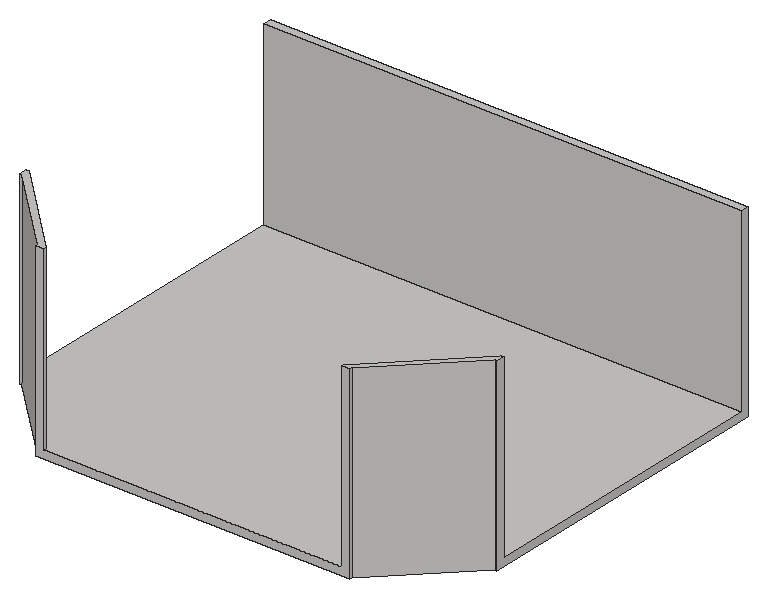
Revit family "Cable_Tray_Fitting-Solid_Tray-OBO_Bettermann-Channel_Horizontal_Tee_100-300-MKS_Magic", category Cable Tray Fittings, Revit 2012
Parameters (values of type "Hot Dipped Galvanised")
  URL = "http://www.obo-bettermann.com/"
  Tray Width 3 [instance] = 100 mm
  Tray Width 1 [instance] = 100 mm
  Tray Length [instance] = 0.794 mm
  Tray Height [instance] = 60 mm
  built-in parameter 1140111 [instance] = 2.58 mm
  Radius Label 1 [instance] = Radius Label + [built-in parameter 1140111]  # 27.98 mm
  Radius Label [instance] = Radius  # 25.4 mm
  Radius = 25.4 mm
  Product Page URL = "http://catalog2.obo-bettermann.com/catalogue/catalogue.do?favOid=kts_315277&act=showIO&lang=en&action=start&catId=KTS&forward=showSolutionView"
  Product Documentation Link = ""
  Pre Galvanized = no
  Model = "MKS-Magic"
  Manufacturer = "OBO Bettermann"
  Description = "Solid Cable tray"
  Connector Description 3 = "Connector for Cable Tray 3"  # constant formula
  Connector Description 2 = "Connector for Cable Tray 2"  # constant formula
  Connector Description = "Connector for Cable Tray 1"  # constant formula
  Classification = "Refer to nline catalog for UL and cUL classifed sizes and wire sizes."
  Cable Tray Material = Metal - OBO Bettermann - Hot-Dipped-Galvanised
  Assembly Code = "D5030600"
Types (2, lengths in mm): name | Cable Tray Material
  Stripped Galvanised | Metal - OBO Bettermann - Strip-Galvanised
  Hot Dipped Galvanised | Metal - OBO Bettermann - Hot-Dipped-Galvanised
Reference planes
  plane 1 "Center (Front/Back)": y = 0
  plane 2: z = 0
  plane 3 "Center (Left/Right)": x = 0
  plane 4: y = 50
  plane 5: y = -50
  plane 6: z = 30
  plane 7: z = -30
  plane 8: y = -75.4
  plane 9: x = -50
  plane 10: x = 50
  plane 11: x = -75.4
  plane 12: x = 75.4
  plane 13: y = -47.42
  plane 14: y = 47.42
  plane 15: y = -76.194
  plane 16: x = -47.42
  plane 17: x = 47.42
  plane 18: x = -76.194
  plane 19: x = 76.194
  plane 20: z = -27.42
Forms (mm)
  Extrusion 1, solid, material "Metal - OBO Bettermann - Hot-Dipped-Galvanised" <- "Cable Tray Material", detail levels fine
    sketch origin (0, 0, 0) x (1, 0, 0) y (0, 1, 0)
      loop
        line (-76.194, -47.42) -> (-76.194, -50) -> (-75.4, -50) -> (-50, -75.4) -> (-50, -76.194) -> (-47.42, -76.194) -> (-47.42, -75.4) -> (-75.4, -47.42) -> (-76.194, -47.42)
      loop
        line (75.4, -50) -> (76.194, -50) -> (76.194, -47.42) -> (75.4, -47.42) -> (47.42, -75.4) -> (47.42, -76.194) -> (50, -76.194) -> (50, -75.4) -> (75.4, -50)
      loop
        line (-76.194, 50) -> (-76.194, 47.42) -> (76.194, 47.42) -> (76.194, 50) -> (-76.194, 50)
    from -30 to 30
  Extrusion 2, solid, material "Metal - OBO Bettermann - Hot-Dipped-Galvanised" <- "Cable Tray Material", detail levels fine
    sketch origin (0, 0, 0) x (1, 0, 0) y (0, 1, 0)
      loop
        line (-76.194, -50) -> (-75.4, -50) -> (-50, -75.4) -> (-50, -76.194) -> (50, -76.194) -> (50, -75.4) -> (75.4, -50) -> (76.194, -50) -> (76.194, 50) -> (-76.194, 50) -> (-76.194, -50)
    from -30 to -27.42
  Extrusion 3, solid, material "Metal - OBO Bettermann - Hot-Dipped-Galvanised" <- "Cable Tray Material", detail levels medium
    sketch origin (0, 0, 0) x (1, 0, 0) y (0, 1, 0)
      loop
        line (-76.194, 50) -> (-76.194, -50) -> (-75.4, -50) -> (-50, -75.4) -> (-50, -76.194) -> (50, -76.194) -> (50, -75.4) -> (75.4, -50) -> (76.194, -50) -> (76.194, 50) -> (-76.194, 50)
    from -30 to 30
Cuts and joins
  joined: Extrusion 1, Extrusion 2
Lines and regions (mm)
  model lines, style "Coarse View", detail levels coarse
    curve 1: line (-76.194, 0, 0) -> (76.194, 0, 0)
    curve 2: line (0, 0, 0) -> (0, -76.194, 0)
Dimensions and locks
  equal spacing: plane 4, plane 1 "Center (Front/Back)", plane 5
  "Tray Width 1": plane 4 to plane 5
  equal spacing: plane 6, plane 2, plane 7
  "Tray Height": plane 6 to plane 7
  "Radius Label": plane 5 to plane 8
  equal spacing: plane 9, plane 3 "Center (Left/Right)", plane 10
  "Tray Width 3": plane 9 to plane 10
  "Radius Label": plane 11 to plane 9
  "Radius Label": plane 10 to plane 12
  "built-in parameter 1140111": plane 13 to plane 5
  "built-in parameter 1140111": plane 4 to plane 14
  "Tray Length": plane 8 to plane 15
  "built-in parameter 1140111": plane 9 to plane 16
  "built-in parameter 1140111": plane 17 to plane 10
  "Tray Length": plane 18 to plane 11
  "Tray Length": plane 12 to plane 19
  "built-in parameter 1140111": plane 20 to plane 7
  plane 18 to plane 9 = 26.194 mm
  aligned and locked: plane 11 to Extrusion 1 sketch curve  (x2)
  aligned and locked: Extrusion 1 sketch curve to plane 13
  aligned and locked: plane 18 to Extrusion 1 sketch curve  (x2)
  aligned and locked: Extrusion 1 sketch curve to plane 5
  aligned and locked: plane 8 to Extrusion 1 sketch curve  (x4)
  aligned and locked: Extrusion 1 sketch curve to plane 9
  aligned and locked: plane 15 to Extrusion 1 sketch curve  (x2)
  aligned and locked: Extrusion 1 sketch curve to plane 16
  aligned and locked: plane 16 to Extrusion 1 sketch curve
  aligned and locked: plane 9 to Extrusion 1 sketch curve
  aligned and locked: Extrusion 1 sketch curve to plane 15  (x2)
  aligned and locked: Extrusion 1 sketch curve to plane 18
  aligned and locked: Extrusion 1 to plane 7
  aligned and locked: plane 6 to Extrusion 1
  aligned and locked: plane 12 to Extrusion 1 sketch curve  (x2)
  aligned and locked: plane 19 to Extrusion 1 sketch curve
  aligned and locked: plane 5 to Extrusion 1 sketch curve
  aligned and locked: plane 13 to Extrusion 1 sketch curve
  aligned and locked: Extrusion 1 sketch curve to plane 19  (x2)
  aligned and locked: Extrusion 1 sketch curve to plane 17
  aligned and locked: Extrusion 1 sketch curve to plane 10
  aligned and locked: plane 10 to Extrusion 1 sketch curve
  aligned and locked: plane 17 to Extrusion 1 sketch curve
  aligned and locked: plane 14 to Extrusion 1 sketch curve
  aligned and locked: Extrusion 1 sketch curve to plane 4
  aligned and locked: plane 18 to Extrusion 2 sketch curve
  aligned and locked: plane 11 to Extrusion 2 sketch curve
  aligned and locked: Extrusion 2 sketch curve to plane 5
  aligned and locked: Extrusion 2 sketch curve to plane 18
  aligned and locked: plane 19 to Extrusion 2 sketch curve  (x2)
  aligned and locked: Extrusion 2 sketch curve to plane 4
  aligned and locked: plane 4 to Extrusion 2 sketch curve
  aligned and locked: plane 5 to Extrusion 2 sketch curve
  aligned and locked: plane 12 to Extrusion 2 sketch curve
  aligned and locked: plane 15 to Extrusion 2 sketch curve
  aligned and locked: plane 8 to Extrusion 2 sketch curve
  aligned and locked: plane 10 to Extrusion 2 sketch curve
  aligned and locked: plane 9 to Extrusion 2 sketch curve
  aligned and locked: Extrusion 2 sketch curve to plane 15
  aligned and locked: Extrusion 2 to plane 7
  aligned and locked: plane 20 to Extrusion 2
  aligned and locked: plane 18 to Extrusion 3 sketch curve
  aligned and locked: plane 11 to Extrusion 3 sketch curve
  aligned and locked: Extrusion 3 sketch curve to plane 5  (x2)
  aligned and locked: plane 4 to Extrusion 3 sketch curve  (x2)
  aligned and locked: Extrusion 3 sketch curve to plane 18
  aligned and locked: plane 5 to Extrusion 3 sketch curve
  aligned and locked: Extrusion 3 sketch curve to plane 19
  aligned and locked: plane 12 to Extrusion 3 sketch curve
  aligned and locked: plane 19 to Extrusion 3 sketch curve
  aligned and locked: plane 15 to Extrusion 3 sketch curve
  aligned and locked: Extrusion 3 sketch curve to plane 10
  aligned and locked: plane 8 to Extrusion 3 sketch curve
  aligned and locked: plane 10 to Extrusion 3 sketch curve
  aligned and locked: plane 9 to Extrusion 3 sketch curve
  aligned and locked: Extrusion 3 sketch curve to plane 15
  aligned and locked: Extrusion 3 to plane 7
  aligned and locked: plane 6 to Extrusion 3
  aligned and locked: plane 19 to curve 1
  aligned and locked: plane 18 to curve 1
  aligned and locked: plane 1 "Center (Front/Back)" to curve 1
  aligned and locked: plane 15 to curve 2
  aligned and locked: plane 1 "Center (Front/Back)" to curve 2
  aligned and locked: curve 2 to plane 3 "Center (Left/Right)"
Automatic sketch dimensions
  Extrusion 2 sketch curve to plane 8 = 0 mm
  Extrusion 3 sketch curve to plane 8 = 0 mm
Connectors
  cabletrayconduit at (-76.194, 0, 0), driven by "Tray Height", driven by "Tray Width 1", driven by "Connector Description"
    settings: on Extrusion 3, index 1, connector width 100 mm, connector height 60 mm, connector radius 304.8 mm, connector angle 0.00°, system type 32, placement type 0, profile type 1, connector reference index 2, is primary connector yes, connector utility param no, connector description "Connector for Cable Tray 1"
  cabletrayconduit at (76.194, 0, 0), driven by "Tray Height", driven by "Tray Width 1", driven by "Connector Description 2"
    settings: on Extrusion 3, index 2, connector width 100 mm, connector height 60 mm, connector radius 304.8 mm, connector angle 0.00°, system type 32, placement type 0, profile type 1, connector reference index 1, is primary connector no, connector utility param no, connector description "Connector for Cable Tray 2"
  cabletrayconduit at (0, -76.194, 0), driven by "Tray Height", driven by "Tray Width 3", driven by "Connector Description 3"
    settings: on Extrusion 3, index 3, connector width 100 mm, connector height 60 mm, connector radius 304.8 mm, connector angle 0.00°, system type 32, placement type 0, profile type 1, connector reference index -1, is primary connector no, connector utility param no, connector description "Connector for Cable Tray 3"
